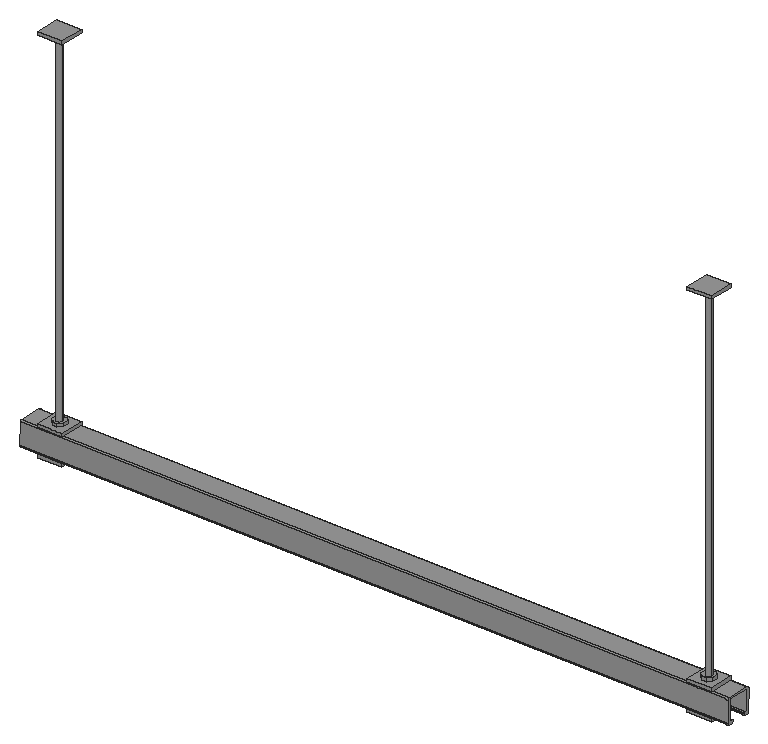
Revit family "ABG_GEN_Unistrut-Hanger-Type1", category Generic Models, Revit 2020
Family settings
  Can host rebar = No
  Round Connector Dimension = Use Diameter
  Part Type = Normal
  Cut with Voids When Loaded = No
  Shared = Yes
  Room Calculation Point = No
Parameters (values of type "Typical")
  URL = "http://www.unistrut.com.au"
  Type Image = images.jpg
  Support height [instance] = 2100 mm
  Model = "Generic"  # constant formula
  Material = Steel, Galvanized
  Manufacturer = "Generic"  # constant formula
  built-in parameter 1001306 [instance] = 1200 mm
  Keynote = "US"
  Fixing height [instance] = 2700 mm
  Dropper inset = 50 mm  # constant formula
  Drop height [instance] = Fixing height - Support height  # 600 mm
  Description = "Unistrut, 41x41mm"
  Default Elevation = 0 mm
Reference planes
  plane 1 "Center (Front/Back)": y = 0
  plane 2: z = 0
  plane 3 "Left": x = 0
  plane 4 "Right": x = 1200
  plane 5 "Support level": z = 2100
  plane 6 "Top": z = 2700
  plane 7: x = 1150
  plane 8: x = 50
Forms (mm)
  Sweep 1, solid, material "Steel, Galvanized" <- "Material", detail levels medium+fine
    path origin (-464.382, -4572, 2100) x (-1, 0, 0) y (0, -1, 0)
      loop
        line (-1664.382, -4572) -> (-464.382, -4572)
    profile "ABG_PRF_Unistrut-41x41 : ABG_PRF_Unistrut-41x41" origin (600, 0, 2100) x (0, -1, 0) y (0, 0, 1)
      loop
        arc (-18, 0) -> (-19.768, -0.732) -> (-20.5, -2.5) r 2.5
        line (-20.5, -2.5) -> (-20.5, -38.5)
        arc (-20.5, -38.5) -> (-19.768, -40.268) -> (-18, -41) r 2.5
        line (-18, -41) -> (-15.5, -41)
        arc (-15.5, -41) -> (-13.732, -40.268) -> (-13, -38.5) r 2.5
        line (-13, -38.5) -> (-13, -36) -> (-15.5, -36) -> (-15.5, -38.5) -> (-18, -38.5) -> (-18, -2.5) -> (18, -2.5) -> (18, -38.5) -> (15.5, -38.5) -> (15.5, -36) -> (13, -36) -> (13, -38.5)
        arc (13, -38.5) -> (13.732, -40.268) -> (15.5, -41) r 2.5
        line (15.5, -41) -> (18, -41)
        arc (18, -41) -> (19.768, -40.268) -> (20.5, -38.5) r 2.5
        line (20.5, -38.5) -> (20.5, -2.5)
        arc (20.5, -2.5) -> (19.768, -0.732) -> (18, 0) r 2.5
        line (18, 0) -> (-18, 0)
  Extrusion 2, solid, material "Steel, Galvanized" <- "Material", detail levels coarse
    sketch origin (-464.382, -4572, 2100) x (-1, 0, 0) y (0, -1, 0)
      loop
        line (-464.382, -4592.5) -> (-464.382, -4551.5) -> (-1664.382, -4551.5) -> (-1664.382, -4592.5) -> (-464.382, -4592.5)
    from -41 to 0
Lines and regions (mm)
  reference lines
    curve 1: line (0, 0, 0) -> (1200, 0, 0)
  symbolic lines, style "Channel"
    curve 2: line (0, 20.5, 2100) -> (1200, 20.5, 2100)
    curve 3: line (0, -20.5, 2100) -> (0, 20.5, 2100)
    curve 4: line (1200, -20.5, 2100) -> (0, -20.5, 2100)
    curve 5: line (1200, 20.5, 2100) -> (1200, -20.5, 2100)
  model lines, style "InvisibleLines"
    curve 6: line (0, 0, 0) -> (0, 0, 2700)
Dimensions and locks
  "built-in parameter 1001306": plane 3 "Left" to plane 4 "Right"
  "Support height": plane 5 "Support level" to level
  "Fixing height": plane 6 "Top" to level
  "Dropper inset": plane 3 "Left" to plane 8
  "Dropper inset": plane 7 to plane 4 "Right"
  aligned and locked: plane 4 "Right" to curve 1
  aligned and locked: plane 1 "Center (Front/Back)" to curve 1
  aligned and locked: plane 3 "Left" to curve 1
  aligned and locked: level to plane 2
  aligned and locked: Sweep 1 sketch curve to plane 1 "Center (Front/Back)"
  aligned and locked: plane 4 "Right" to Sweep 1 sketch curve
  aligned and locked: plane 3 "Left" to Sweep 1 sketch curve
  aligned and locked: nested 1 to plane 8
  aligned and locked: plane 1 "Center (Front/Back)" to nested 1
  aligned and locked: plane 7 to nested 2
  aligned and locked: plane 1 "Center (Front/Back)" to nested 2
  aligned and locked: Extrusion 2 sketch curve to plane 3 "Left"
  aligned and locked: Extrusion 2 sketch curve to plane 4 "Right"
  aligned and locked: curve 5 to plane 4 "Right"
  aligned and locked: plane 3 "Left" to curve 3
  aligned and locked: plane 6 "Top" to curve 6
  aligned and locked: level to curve 6
  aligned and locked: plane 3 "Left" to curve 6
Automatic sketch dimensions
  Extrusion 2 sketch curve to plane 1 "Center (Front/Back)" = 20.5 mm
  plane 1 "Center (Front/Back)" to Extrusion 2 sketch curve = 20.5 mm
  curve 2 to plane 1 "Center (Front/Back)" = 20.5 mm
  plane 1 "Center (Front/Back)" to curve 4 = 20.5 mm
Nested families
  nested 1: "ABG_GEN-c_Unistrut-Thread-Type1" at (50, 0, 2100), Height <- "Drop height", Material <- "Material", type "Typical", detail levels fine
    with Material Steel, Galvanized, Height 600 mm
  nested 2: "ABG_GEN-c_Unistrut-Thread-Type1" at (1150, 0, 2100), Height <- "Drop height", Material <- "Material", type "Typical", detail levels fine
    with Material Steel, Galvanized, Height 600 mm
Definition of nested family "ABG_GEN-c_Unistrut-Thread-Type1"
  Parameters (values of type "Typical")
    Material [instance] = none
    Height [instance] = 700 mm
    Default Elevation = 1219.2 mm
  Reference planes
    plane 1 "Center (Front/Back)": y = 0
    plane 2: z = 0
    plane 3 "Center (Left/Right)": x = 0
    plane 4: z = -41
    plane 5: z = 700
    plane 6: z = -2.5
    plane 7: z = 690
  Forms (mm)
    Extrusion 1, solid, material <- "Material"
      sketch origin (-165.747, -1524, -41) x (-1, 0, 0) y (0, -1, 0)
        loop
          line (-145.247, -1544.5) -> (-145.247, -1503.5) -> (-186.247, -1503.5) -> (-186.247, -1544.5) -> (-145.247, -1544.5)
      from -5 to 0
    Extrusion 2, solid, material <- "Material"
      sketch origin (0, 0, 0) x (1, 0, 0) y (0, 1, 0)
        loop
          line (-20.5, 20.5) -> (-20.5, -20.5) -> (20.5, -20.5) -> (20.5, 20.5) -> (-20.5, 20.5)
      from 0 to 5
    Extrusion 3, solid, material <- "Material"
      sketch origin (-165.747, -1524, 700) x (-1, 0, 0) y (0, -1, 0)
        loop
          line (-145.247, -1544.5) -> (-145.247, -1503.5) -> (-186.247, -1503.5) -> (-186.247, -1544.5) -> (-145.247, -1544.5)
      from 0 to -5
    Extrusion 4, solid, material <- "Material"
      sketch origin (0, 0, 0) x (1, 0, 0) y (0, 1, 0)
        loop
          line (-4.142, 10) -> (-10, 4.142) -> (-10, -4.142) -> (-4.142, -10) -> (4.142, -10) -> (10, -4.142) -> (10, 4.142) -> (4.142, 10) -> (-4.142, 10)
      from 5 to 10
    Extrusion 5, solid, material <- "Material"
      sketch origin (-165.747, -1524, -41) x (-1, 0, 0) y (0, -1, 0)
        loop
          line (-161.605, -1534) -> (-155.747, -1528.142) -> (-155.747, -1519.858) -> (-161.605, -1514) -> (-169.889, -1514) -> (-175.747, -1519.858) -> (-175.747, -1528.142) -> (-169.889, -1534) -> (-161.605, -1534)
      from -5 to -10
    Extrusion 6, solid, material <- "Material"
      sketch origin (-165.747, -1524, 700) x (-1, 0, 0) y (0, -1, 0)
        loop
          line (-161.605, -1534) -> (-155.747, -1528.142) -> (-155.747, -1519.858) -> (-161.605, -1514) -> (-169.889, -1514) -> (-175.747, -1519.858) -> (-175.747, -1528.142) -> (-169.889, -1534) -> (-161.605, -1534)
      from -5 to -10
    Extrusion 7, solid, material <- "Material"
      sketch origin (0, 0, 0) x (1, 0, 0) y (0, 1, 0)
        loop
          circle (0, 0) r 5
      from -41 to -2.5
    Extrusion 8, solid, material <- "Material"
      sketch origin (0, 0, 0) x (1, 0, 0) y (0, 1, 0)
        loop
          circle (0, 0) r 5
      from 10 to 690
  Dimensions and locks
    locked: plane 2 to plane 4 at 41
    "Height": plane 5 to plane 2
    locked: plane 2 to plane 6 at 2.5
    locked: plane 5 to plane 7 at 10
    aligned and locked: level to plane 2
    aligned and locked: Extrusion 7 to plane 4
    aligned and locked: plane 6 to Extrusion 7
    aligned and locked: plane 7 to Extrusion 8
  Automatic sketch dimensions
    plane 3 "Center (Left/Right)" to Extrusion 1 sketch curve = 20.5 mm
    Extrusion 1 sketch curve to plane 3 "Center (Left/Right)" = 20.5 mm
    Extrusion 1 sketch curve to plane 1 "Center (Front/Back)" = 20.5 mm
    plane 1 "Center (Front/Back)" to Extrusion 1 sketch curve = 20.5 mm
    Extrusion 2 sketch curve to plane 3 "Center (Left/Right)" = 20.5 mm
    plane 3 "Center (Left/Right)" to Extrusion 2 sketch curve = 20.5 mm
    plane 1 "Center (Front/Back)" to Extrusion 2 sketch curve = 20.5 mm
    Extrusion 2 sketch curve to plane 1 "Center (Front/Back)" = 20.5 mm
    plane 3 "Center (Left/Right)" to Extrusion 3 sketch curve = 20.5 mm
    Extrusion 3 sketch curve to plane 3 "Center (Left/Right)" = 20.5 mm
    Extrusion 3 sketch curve to plane 1 "Center (Front/Back)" = 20.5 mm
    plane 1 "Center (Front/Back)" to Extrusion 3 sketch curve = 20.5 mm
    plane 1 "Center (Front/Back)" to Extrusion 5 sketch curve = 4.142 mm  (x2)
    plane 3 "Center (Left/Right)" to Extrusion 5 sketch curve = 10 mm
    plane 3 "Center (Left/Right)" to Extrusion 5 sketch curve = 4.142 mm  (x2)
    Extrusion 5 sketch curve to plane 3 "Center (Left/Right)" = 4.142 mm  (x2)
    Extrusion 5 sketch curve to Extrusion 5 sketch curve = 5.858 mm  (x3)
    Extrusion 5 sketch curve to plane 1 "Center (Front/Back)" = 4.142 mm  (x2)
    plane 1 "Center (Front/Back)" to Extrusion 6 sketch curve = 4.142 mm  (x2)
    plane 3 "Center (Left/Right)" to Extrusion 6 sketch curve = 10 mm
    plane 3 "Center (Left/Right)" to Extrusion 6 sketch curve = 4.142 mm  (x2)
    Extrusion 6 sketch curve to plane 3 "Center (Left/Right)" = 4.142 mm  (x2)
    Extrusion 6 sketch curve to Extrusion 6 sketch curve = 5.858 mm  (x3)
    Extrusion 6 sketch curve to plane 1 "Center (Front/Back)" = 4.142 mm  (x2)
    plane 1 "Center (Front/Back)" to Extrusion 7 sketch curve = 0 mm
    Extrusion 7 sketch curve to plane 3 "Center (Left/Right)" = 0 mm
    plane 1 "Center (Front/Back)" to Extrusion 8 sketch curve = 0 mm
    Extrusion 8 sketch curve to plane 3 "Center (Left/Right)" = 0 mm
    radius of Extrusion 7 sketch curve = 5 mm
    radius of Extrusion 8 sketch curve = 5 mm
